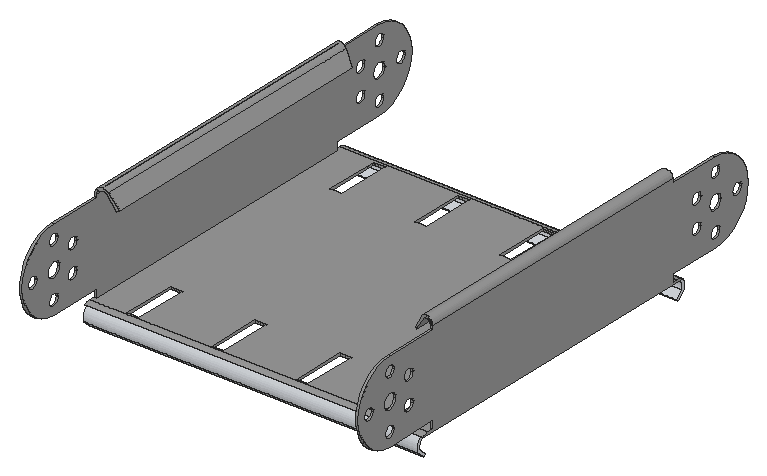
Revit family "Gelenkbogen-Element RGBEV 620FT", category Generic Models, Revit 2017
Family settings
  Can host rebar = No
  Round Connector Dimension = Use Diameter
  Part Type = Normal
  Work Plane-Based = No
  Always vertical = Yes
  Cut with Voids When Loaded = No
  Shared = No
  Room Calculation Point = No
Parameters (values of type "RGBEV 620 FT")
  Width 1 = Width / 2  # 100 mm
  Width = 200 mm
  URL = "http://www.obo-bettermann.com"
  Material = Hot dip galvanised
  Manufacturer Art.No. = "7075200"
  Manufacturer = "OBO BETTERMANN"
  Length = 288 mm
  GTIN = "4012196228133"
  Cut's number 2 = 4
  Cut's number = 2
  Article Type = "RGBEV 620 FT"
Reference planes
  plane 1 "Center (Front/Back)": y = 0
  plane 2: z = 0
  plane 3 "Center (Left/Right)": x = 0
  plane 4: x = 200
  plane 5: z = 60
  plane 6: x = 12.5
  plane 7: x = 187.5
  plane 8: z = 50.045
  plane 9: x = 100
  plane 10: y = 288
  plane 11: y = 144
  plane 12: y = 233.25
  plane 13: y = 54.75
  plane 14: y = 144
  plane 15: y = 54.75
  plane 16: y = 144
  plane 17: y = 233.25
  plane 18: y = 54.75
  plane 19: z = 30
  plane 20: z = 54
  plane 21: z = 6
  plane 22: y = 144
  plane 23: y = 55.5
  plane 24: y = 232.5
  plane 25: y = 24
  plane 26: y = 143.5
  plane 27: z = 30
  plane 28: z = 54
  plane 29: z = 6
  plane 30: y = 144
  plane 31: y = 232.5
  plane 32: y = 55.5
  plane 33: y = 264
  plane 34: z = 30
  plane 35: z = 54
  plane 36: z = 6
  plane 37: y = 264
  plane 38: z = 30
  plane 39: y = 24
  plane 40: y = 45
  plane 41: y = 242.5
  plane 42: z = -11.2
  plane 43: y = 234.752
  plane 44: y = 242.5
  plane 45: y = 45.5
  plane 46: z = -11.2
  plane 47: y = 53.248
  plane 48: z = 30
  plane 49: y = 23.5
  plane 50: z = 30
  plane 51: y = 264
  plane 52: z = 30.1
  plane 53: y = 263.783
  plane 54: x = 100
  plane 55: z = 30
  plane 56: y = 23.5
  plane 57: z = 30
  plane 58: y = 264
  plane 59: x = 25
  plane 60: x = 175
  plane 61: y = 218.5
  plane 62: y = 73.5
  plane 63: x = 75
  plane 64: x = 225
  plane 65: y = 218.5
  plane 66: y = 73.5
  plane 67: x = 125
  plane 68: x = 275
  plane 69: y = 218.5
  plane 70: y = 73.5
  plane 71: x = 175
  plane 72: x = 325
  plane 73: y = 218.5
  plane 74: y = 73.5
  plane 75: x = 25
  plane 76: x = 175
  plane 77: y = 68.5
  plane 78: y = -76.5
  plane 79: x = 75
  plane 80: x = 225
  plane 81: y = 68.5
  plane 82: y = -76.5
  plane 83: x = 125
  plane 84: x = 275
  plane 85: y = 68.5
  plane 86: y = -76.5
  plane 87: x = 175
  plane 88: x = 325
  plane 89: y = 68.5
  plane 90: y = -76.5
Forms (mm)
  Extrusion 1, solid, material "Hot dip galvanised" <- "Material"
    sketch origin (0, 0, 0) x (1, 0, 0) y (0, 0, 1)
      loop
        line (0, 56.017) -> (0, 0) -> (200, 0) -> (200, 55.995)
        arc (200, 55.995) -> (197.526, 59.693) -> (193.164, 58.816) r 4
        line (193.164, 58.816) -> (187.684, 50.045) -> (188.786, 49.356) -> (194.181, 57.991)
        arc (194.181, 57.991) -> (197.091, 58.465) -> (198.7, 55.995) r 2.7
        line (198.7, 55.995) -> (198.7, 1.3) -> (1.3, 1.3) -> (1.3, 56.017)
        arc (1.3, 56.017) -> (3.273, 58.635) -> (6.334, 57.46) r 2.724
        line (6.334, 57.46) -> (11.398, 49.356) -> (12.5, 50.045) -> (7.436, 58.149)
        arc (7.436, 58.149) -> (2.915, 59.885) -> (0, 56.017) r 4.024
    from 0 to -288
  Extrusion 2, void
    sketch origin (0, 0, 0) x (1, 0, 0) y (0, 1, 0)
      loop
        line (1.3, 232.902) -> (12.5, 229.901) -> (12.5, 288) -> (1.3, 288) -> (1.3, 232.902)
    from 48.887 to 60.539
  Extrusion 3, void
    sketch origin (0, 0, 0) x (1, 0, 0) y (0, 1, 0)
      loop
        line (1.3, 55.098) -> (1.3, 0) -> (12.5, 0) -> (12.5, 58.099) -> (1.3, 55.098)
    from 48.887 to 60.539
  Extrusion 4, void
    sketch origin (0, 0, 0) x (1, 0, 0) y (0, 1, 0)
      loop
        line (198.7, 232.902) -> (198.7, 288) -> (187.684, 288) -> (187.684, 229.95) -> (198.7, 232.902)
      loop
        line (198.7, 55.098) -> (187.684, 58.05) -> (187.684, 0) -> (198.7, 0) -> (198.7, 55.098)
    from 48.887 to 60.539
  Extrusion 5, void
    sketch origin (0, 0, 0) x (0, 1, 0) y (0, 0, 1)
      loop
        line (24, 54) -> (55.5, 54) -> (55.5, 58.946) -> (-0.562, 58.946) -> (-0.562, 1.3) -> (55.5, 1.3) -> (55.5, 6) -> (24, 6)
        arc (24, 6) -> (0, 30) -> (24, 54) r 24
    from 198.7 to 200
  Extrusion 6, void
    sketch origin (0, 288, 0) x (0, -1, 0) y (0, 0, -1)
      loop
        arc (24, -54) -> (0, -30) -> (24, -6) r 24
        line (24, -6) -> (55.5, -6) -> (55.5, -1.3) -> (-0.562, -1.3) -> (-0.562, -58.946) -> (55.5, -58.946) -> (55.5, -54) -> (24, -54)
    from 198.7 to 200
  Extrusion 7, void
    sketch origin (0, 0, 0) x (0, 1, 0) y (0, 0, 1)
      loop
        line (232.5, 54) -> (264, 54)
        arc (264, 54) -> (288, 30) -> (264, 6) r 24
        line (264, 6) -> (232.5, 6) -> (232.5, 1.3) -> (288.754, 1.3) -> (288.754, 58.978) -> (232.5, 58.978) -> (232.5, 54)
    from 0 to 1.3
  Extrusion 8, void
    sketch origin (0, 0, 0) x (0, 1, 0) y (0, 0, 1)
      loop
        line (55.5, 54) -> (55.5, 58.946) -> (-1.16, 58.946) -> (-1.16, 1.3) -> (55.5, 1.3) -> (55.5, 6) -> (24, 6)
        arc (24, 6) -> (0, 30) -> (24, 54) r 24
        line (24, 54) -> (55.5, 54)
    from 0 to 1.901
  Extrusion 9, solid
    sketch origin (0, 0, 0) x (0, 1, 0) y (0, 0, 1)
      loop
        line (240.033, 0) -> (236.2, 0)
        arc (236.2, 0) -> (240.246, -2.062) -> (240.955, -6.547) r 5
        line (240.955, -6.547) -> (237.221, -10.281) -> (238.14, -11.2) -> (242.081, -7.259)
        arc (242.081, -7.259) -> (242.263, -3.289) -> (240.033, 0) r 6.3
    from 1.3 to 198.7
  Extrusion 10, void
    sketch origin (0, 0, 0) x (0, 1, 0) y (0, 0, 1)
      loop
        line (240.033, 0) -> (288, 0) -> (288, 1.3) -> (236.2, 1.3)
        arc (236.2, 1.3) -> (238.224, 0.966) -> (240.033, 0) r 6.3
    from 200 to 0
  Extrusion 11, solid
    sketch origin (0, 288, 0) x (0, -1, 0) y (0, 0, -1)
      loop
        arc (240.033, 0) -> (242.263, 3.289) -> (242.081, 7.259) r 6.3
        line (242.081, 7.259) -> (238.14, 11.2) -> (237.221, 10.281) -> (240.955, 6.547)
        arc (240.955, 6.547) -> (240.246, 2.062) -> (236.2, 0) r 5
        line (236.2, 0) -> (240.033, 0)
    from 1.3 to 198.7
  Extrusion 12, void
    sketch origin (0, 288, 0) x (0, -1, 0) y (0, 0, -1)
      loop
        arc (240.033, 0) -> (238.224, -0.966) -> (236.2, -1.3) r 6.3
        line (236.2, -1.3) -> (288, -1.3) -> (288, 0) -> (240.033, 0)
    from 200 to 0
  Extrusion 13, void
    sketch origin (0, 0, 0) x (0, 1, 0) y (0, 0, 1)
      loop
        circle (23.5, 30) r 4.5
      loop
        circle (23.5, 46.008) r 3.486
      loop
        circle (7.992, 30) r 3.486
      loop
        circle (23.5, 13.992) r 3.512
      loop
        circle (37.364, 38.004) r 3.513
      loop
        circle (37.364, 21.996) r 3.528
    from 0 to 1.3
  Extrusion 14, void
    sketch origin (0, 288, 0) x (0, -1, 0) y (0, 0, -1)
      loop
        circle (24, -30) r 4.5
      loop
        circle (24, -46.008) r 3.486
      loop
        circle (7.992, -30) r 3.486
      loop
        circle (24, -13.992) r 3.512
      loop
        circle (37.864, -38.004) r 3.513
      loop
        circle (37.864, -21.996) r 3.528
    from 0 to 1.3
  Extrusion 15, void
    sketch origin (200, 0, 0) x (0, 1, 0) y (0, 0, -1)
      loop
        circle (23.5, -30) r 4.5
      loop
        circle (23.5, -46.008) r 3.486
      loop
        circle (7.992, -30) r 3.486
      loop
        circle (23.5, -13.992) r 3.512
      loop
        circle (37.364, -38.004) r 3.513
      loop
        circle (37.364, -21.996) r 3.528
    from 0 to 1.3
  Extrusion 16, void
    sketch origin (200, 288, 0) x (0, -1, 0) y (0, 0, 1)
      loop
        circle (24, 30) r 4.5
      loop
        circle (24, 46.008) r 3.486
      loop
        circle (7.992, 30) r 3.486
      loop
        circle (24, 13.992) r 3.512
      loop
        circle (37.864, 38.004) r 3.513
      loop
        circle (37.864, 21.996) r 3.528
    from 0 to 1.3
  Extrusion 17, void
    sketch origin (0, 0, 0) x (1, 0, 0) y (0, 1, 0)
      loop
        line (21.5, 234.5) -> (21.5, 202.5) -> (28.5, 202.5) -> (28.5, 234.5) -> (21.5, 234.5)
    from 0 to 1.3
  Extrusion 18, void
    sketch origin (50, 0, 0) x (1, 0, 0) y (0, 1, 0)
      loop
        line (21.5, 234.5) -> (21.5, 202.5) -> (28.5, 202.5) -> (28.5, 234.5) -> (21.5, 234.5)
    from 0 to 1.3
  Extrusion 19, void
    sketch origin (100, 0, 0) x (1, 0, 0) y (0, 1, 0)
      loop
        line (21.5, 234.5) -> (21.5, 202.5) -> (28.5, 202.5) -> (28.5, 234.5) -> (21.5, 234.5)
    from 0 to 1.3
  Extrusion 20, void
    sketch origin (150, 0, 0) x (1, 0, 0) y (0, 1, 0)
      loop
        line (21.5, 234.5) -> (21.5, 202.5) -> (28.5, 202.5) -> (28.5, 234.5) -> (21.5, 234.5)
    from 0 to 1.3
  Extrusion 21, void
    sketch origin (0, -150, 0) x (1, 0, 0) y (0, 1, 0)
      loop
        line (21.5, 234.5) -> (21.5, 202.5) -> (28.5, 202.5) -> (28.5, 234.5) -> (21.5, 234.5)
    from 0 to 1.3
  Extrusion 22, void
    sketch origin (50, -150, 0) x (1, 0, 0) y (0, 1, 0)
      loop
        line (21.5, 234.5) -> (21.5, 202.5) -> (28.5, 202.5) -> (28.5, 234.5) -> (21.5, 234.5)
    from 0 to 1.3
  Extrusion 23, void
    sketch origin (100, -150, 0) x (1, 0, 0) y (0, 1, 0)
      loop
        line (21.5, 234.5) -> (21.5, 202.5) -> (28.5, 202.5) -> (28.5, 234.5) -> (21.5, 234.5)
    from 0 to 1.3
  Extrusion 24, void
    sketch origin (150, -150, 0) x (1, 0, 0) y (0, 1, 0)
      loop
        line (21.5, 234.5) -> (21.5, 202.5) -> (28.5, 202.5) -> (28.5, 234.5) -> (21.5, 234.5)
    from 0 to 1.3
Cuts and joins
  Extrusion 2, Extrusion 3, Extrusion 4, Extrusion 5, Extrusion 6, Extrusion 7, Extrusion 8, Extrusion 10, Extrusion 12, Extrusion 13, Extrusion 14, Extrusion 15, Extrusion 16, Extrusion 17, Extrusion 18, Extrusion 19, Extrusion 20, Extrusion 21, Extrusion 22, Extrusion 23, Extrusion 24 cuts Extrusion 1
Dimensions and locks
  locked: Extrusion 1 sketch curve to Extrusion 1 sketch curve at 1.3  (x4)
  Extrusion 1 sketch curve to plane 3 "Center (Left/Right)" to Extrusion 1 sketch curve = 0 mm, 1.3 mm locked
  locked: Extrusion 1 sketch curve to Extrusion 1 sketch curve at 60.04
  locked: Extrusion 1 sketch curve to Extrusion 1 sketch curve at 59.995
  locked: Extrusion 1 sketch curve to Extrusion 1 sketch curve at 9.914
  locked: Extrusion 1 sketch curve to Extrusion 1 sketch curve at 10.098
  "Width": Extrusion 1 sketch curve to Extrusion 1 sketch curve
  "Width 1": Extrusion 1 sketch curve to plane 9
  "Length": plane 1 "Center (Front/Back)" to plane 10
  locked: Extrusion 1 to plane 11 at 144
  locked: cut or joined group 1 (Extrusion 1, Extrusion 2, Extrusion 3, Extrusion 4, Extrusion 5, Extrusion 6, Extrusion 7, Extrusion 8, Extrusion 10, Extrusion 12, Extrusion 13, Extrusion 14, Extrusion 15, Extrusion 16, Extrusion 17, Extrusion 18, Extrusion 19, Extrusion 20, Extrusion 21, Extrusion 22, Extrusion 23, Extrusion 24) to plane 14 at 144
  locked: cut or joined group 1 to plane 16 at 144
  locked: cut or joined group 1 to plane 19 at 30
  locked: plane 20 to plane 19 at 24
  locked: plane 19 to plane 21 at 24
  plane 1 "Center (Front/Back)" to plane 26 = 143.5 mm
  locked: plane 28 to plane 27 at 24
  locked: plane 27 to plane 29 at 24
  locked: cut or joined group 1 to plane 34 at 30
  locked: plane 35 to plane 34 at 24
  locked: plane 34 to plane 36 at 24
  cut or joined group 1 to plane 38 = 30 mm
  locked: plane 40 to plane 26 at 98.5
  plane 26 to plane 41 = 99 mm
  locked: cut or joined group 1 to plane 42 at 12.5
  locked: Extrusion 9 sketch curve to Extrusion 9 sketch curve at 1.3
  locked: Extrusion 9 sketch curve to cut or joined group 1 at 11.2
  locked: Extrusion 11 sketch curve to Extrusion 11 sketch curve at 1.3
  locked: plane 48 to cut or joined group 1 at 24
  locked: plane 49 to plane 26 at 120
  plane 54 to plane 3 "Center (Left/Right)" = 100 mm
  locked: Extrusion 17 sketch curve to Extrusion 17 sketch curve at 7
  locked: Extrusion 17 sketch curve to plane 59 at 3.5
  locked: Extrusion 17 sketch curve to Extrusion 17 sketch curve at 32
  locked: plane 61 to Extrusion 17 sketch curve at 16
  locked: Extrusion 18 sketch curve to Extrusion 18 sketch curve at 7
  locked: Extrusion 18 sketch curve to plane 63 at 3.5
  locked: Extrusion 18 sketch curve to Extrusion 18 sketch curve at 32
  locked: plane 65 to Extrusion 18 sketch curve at 16
  locked: Extrusion 19 sketch curve to Extrusion 19 sketch curve at 7
  locked: Extrusion 19 sketch curve to plane 67 at 3.5
  locked: Extrusion 19 sketch curve to Extrusion 19 sketch curve at 32
  locked: plane 69 to Extrusion 19 sketch curve at 16
  locked: Extrusion 20 sketch curve to Extrusion 20 sketch curve at 7
  locked: Extrusion 20 sketch curve to plane 71 at 3.5
  locked: Extrusion 20 sketch curve to Extrusion 20 sketch curve at 32
  locked: plane 73 to Extrusion 20 sketch curve at 16
  locked: Extrusion 21 sketch curve to Extrusion 21 sketch curve at 7
  locked: Extrusion 21 sketch curve to plane 75 at 3.5
  locked: Extrusion 21 sketch curve to Extrusion 21 sketch curve at 32
  locked: plane 77 to Extrusion 21 sketch curve at 16
  locked: Extrusion 22 sketch curve to Extrusion 22 sketch curve at 7
  locked: Extrusion 22 sketch curve to plane 79 at 3.5
  locked: Extrusion 22 sketch curve to Extrusion 22 sketch curve at 32
  locked: plane 81 to Extrusion 22 sketch curve at 16
  equal spacing: group 5, group 6, group 7, group 8  (x3)
  locked: Extrusion 23 sketch curve to Extrusion 23 sketch curve at 7
  locked: Extrusion 23 sketch curve to plane 83 at 3.5
  locked: Extrusion 23 sketch curve to Extrusion 23 sketch curve at 32
  locked: plane 85 to Extrusion 23 sketch curve at 16
  locked: Extrusion 24 sketch curve to Extrusion 24 sketch curve at 7
  locked: Extrusion 24 sketch curve to plane 87 at 3.5
  locked: Extrusion 24 sketch curve to Extrusion 24 sketch curve at 32
  locked: plane 89 to Extrusion 24 sketch curve at 16
  locked: Extrusion 1 sketch curve to Extrusion 1 sketch curve (angle 32.00°)  (x2)
  angle cut or joined group 1 to Extrusion 9 sketch curve = 45.00°
  aligned and locked: level to plane 2
  aligned and locked: Extrusion 1 to level
  aligned and locked: plane 10 to Extrusion 1
  aligned and locked: plane 1 "Center (Front/Back)" to Extrusion 1
  aligned and locked: Extrusion 2 to Extrusion 3
  aligned and locked: Extrusion 3 to Extrusion 2
  aligned and locked: Extrusion 4 to Extrusion 2
  aligned and locked: Extrusion 2 to Extrusion 4
  aligned and locked: Extrusion 3 to Extrusion 1
  aligned and locked: Extrusion 2 to Extrusion 1
  aligned and locked: Extrusion 4 to Extrusion 1
  aligned and locked: Extrusion 1 to Extrusion 5
  aligned and locked: Extrusion 5 to Extrusion 1
  aligned and locked: Extrusion 7 sketch curve to cut or joined group 1
  aligned and locked: Extrusion 7 to plane 3 "Center (Left/Right)"
  aligned and locked: Extrusion 7 to Extrusion 1
  aligned and locked: Extrusion 1 to plane 3 "Center (Left/Right)"
  aligned and locked: Extrusion 9 to cut or joined group 1  (x2)
  aligned and locked: Extrusion 10 to Extrusion 1
  aligned and locked: Extrusion 13 to plane 3 "Center (Left/Right)"
  aligned and locked: Extrusion 1 to Extrusion 13
  aligned and locked: Extrusion 17 to level
  aligned and locked: Extrusion 1 to Extrusion 17
Automatic sketch dimensions
  Extrusion 1 sketch curve to Extrusion 1 sketch curve = 0 mm  (x4)
  Extrusion 1 sketch curve to level = 0 mm
  Extrusion 1 sketch curve to plane 8 = 0 mm  (x2)
  Extrusion 1 sketch curve to plane 5 = 1.184 mm
  Extrusion 2 sketch curve to plane 10 = 0 mm
  Extrusion 2 sketch curve to plane 12 = 0.348 mm
  plane 3 "Center (Left/Right)" to Extrusion 2 sketch curve = 1.3 mm
  Extrusion 2 sketch curve to Extrusion 2 sketch curve = 11.2 mm
  Extrusion 2 sketch curve to plane 12 = 3.349 mm
  plane 1 "Center (Front/Back)" to Extrusion 3 sketch curve = 0 mm
  plane 15 to Extrusion 3 sketch curve = 0.348 mm
  plane 3 "Center (Left/Right)" to Extrusion 3 sketch curve = 1.3 mm
  Extrusion 3 sketch curve to Extrusion 3 sketch curve = 11.2 mm
  plane 15 to Extrusion 3 sketch curve = 3.349 mm
  plane 1 "Center (Front/Back)" to Extrusion 4 sketch curve = 0 mm
  Extrusion 4 sketch curve to plane 10 = 0 mm
  plane 54 to Extrusion 4 sketch curve = 87.684 mm  (x2)
  Extrusion 4 sketch curve to plane 17 = 3.3 mm
  Extrusion 4 sketch curve to plane 17 = 0.348 mm
  Extrusion 4 sketch curve to Extrusion 4 sketch curve = 11.016 mm  (x2)
  plane 18 to Extrusion 4 sketch curve = 0.348 mm
  plane 18 to Extrusion 4 sketch curve = 3.3 mm
  Extrusion 5 sketch curve to plane 21 = 0 mm
  Extrusion 5 sketch curve to plane 25 = 0 mm
  Extrusion 5 sketch curve to plane 23 = 0 mm  (x2)
  Extrusion 5 sketch curve to plane 19 = 0 mm
  plane 1 "Center (Front/Back)" to Extrusion 5 sketch curve = 0.562 mm
  level to Extrusion 5 sketch curve = 1.3 mm
  plane 20 to Extrusion 5 sketch curve = 4.946 mm
  Extrusion 6 sketch curve to plane 29 = 0 mm
  Extrusion 6 sketch curve to plane 33 = 0 mm
  Extrusion 6 sketch curve to plane 31 = 0 mm  (x2)
  Extrusion 6 sketch curve to plane 27 = 0 mm
  Extrusion 6 sketch curve to plane 10 = 0.562 mm
  Extrusion 6 sketch curve to level = 1.3 mm
  Extrusion 6 sketch curve to plane 28 = 4.946 mm
  Extrusion 7 sketch curve to plane 36 = 0 mm
  Extrusion 7 sketch curve to plane 37 = 0 mm
  Extrusion 7 sketch curve to plane 34 = 0 mm
  plane 53 to Extrusion 7 sketch curve = 31.283 mm
  plane 10 to Extrusion 7 sketch curve = 0.754 mm
  level to Extrusion 7 sketch curve = 1.3 mm
  Extrusion 7 sketch curve to plane 35 = 4.978 mm
  Extrusion 8 sketch curve to plane 38 = 0 mm
  Extrusion 8 sketch curve to plane 39 = 0 mm
  plane 1 "Center (Front/Back)" to Extrusion 8 sketch curve = 1.16 mm
  Extrusion 8 sketch curve to plane 39 = 31.5 mm  (x2)
  level to Extrusion 8 sketch curve = 1.3 mm
  Extrusion 8 sketch curve to Extrusion 8 sketch curve = 4.7 mm
  Extrusion 8 sketch curve to Extrusion 8 sketch curve = 4.946 mm
  Extrusion 9 sketch curve to Extrusion 9 sketch curve = 0 mm  (x2)
  Extrusion 9 sketch curve to level = 0 mm
  plane 43 to Extrusion 9 sketch curve = 1.448 mm
  plane 43 to Extrusion 9 sketch curve = 2.469 mm
  Extrusion 9 sketch curve to plane 41 = 2.467 mm
  Extrusion 9 sketch curve to plane 41 = 1.545 mm
  Extrusion 10 sketch curve to level = 0 mm
  Extrusion 10 sketch curve to plane 10 = 0 mm
  plane 53 to Extrusion 10 sketch curve = 23.75 mm
  Extrusion 10 sketch curve to Extrusion 10 sketch curve = 3.833 mm
  Extrusion 10 sketch curve to level = 5 mm
  Extrusion 11 sketch curve to Extrusion 11 sketch curve = 0 mm  (x2)
  Extrusion 11 sketch curve to level = 0 mm
  Extrusion 11 sketch curve to plane 46 = 0 mm
  Extrusion 11 sketch curve to plane 47 = 1.448 mm
  Extrusion 11 sketch curve to plane 47 = 2.469 mm
  Extrusion 11 sketch curve to Extrusion 11 sketch curve = 0.919 mm
  plane 45 to Extrusion 11 sketch curve = 2.467 mm
  plane 45 to Extrusion 11 sketch curve = 1.545 mm
  Extrusion 12 sketch curve to level = 0 mm
  Extrusion 12 sketch curve to plane 1 "Center (Front/Back)" = 0 mm
  Extrusion 12 sketch curve to Extrusion 12 sketch curve = 47.967 mm
  Extrusion 12 sketch curve to Extrusion 12 sketch curve = 3.833 mm
  level to Extrusion 12 sketch curve = 5 mm
  Extrusion 13 sketch curve to plane 48 = 0 mm  (x2)
  Extrusion 13 sketch curve to plane 49 = 0 mm  (x3)
  Extrusion 13 sketch curve to plane 1 "Center (Front/Back)" = 7.992 mm
  plane 49 to Extrusion 13 sketch curve = 13.864 mm  (x2)
  Extrusion 13 sketch curve to plane 48 = 8.004 mm
  level to Extrusion 13 sketch curve = 13.992 mm
  plane 52 to Extrusion 13 sketch curve = 7.904 mm
  plane 52 to Extrusion 13 sketch curve = 15.908 mm
  Extrusion 14 sketch curve to plane 50 = 0 mm  (x2)
  Extrusion 14 sketch curve to plane 51 = 0 mm  (x3)
  plane 10 to Extrusion 14 sketch curve = 7.992 mm
  Extrusion 14 sketch curve to plane 53 = 13.646 mm  (x2)
  plane 50 to Extrusion 14 sketch curve = 8.004 mm
  Extrusion 14 sketch curve to level = 13.992 mm
  Extrusion 14 sketch curve to plane 52 = 7.904 mm
  Extrusion 14 sketch curve to plane 52 = 15.908 mm
  Extrusion 15 sketch curve to plane 55 = 0 mm  (x2)
  Extrusion 15 sketch curve to plane 56 = 0 mm  (x3)
  Extrusion 15 sketch curve to plane 1 "Center (Front/Back)" = 7.992 mm
  plane 56 to Extrusion 15 sketch curve = 13.864 mm  (x2)
  plane 52 to Extrusion 15 sketch curve = 7.904 mm
  plane 52 to Extrusion 15 sketch curve = 15.908 mm
  Extrusion 15 sketch curve to plane 55 = 8.004 mm
  level to Extrusion 15 sketch curve = 13.992 mm
  Extrusion 16 sketch curve to plane 57 = 0 mm  (x2)
  Extrusion 16 sketch curve to plane 58 = 0 mm  (x3)
  Extrusion 16 sketch curve to plane 10 = 7.992 mm
  plane 53 to Extrusion 16 sketch curve = 13.646 mm  (x2)
  Extrusion 16 sketch curve to plane 57 = 8.004 mm
  level to Extrusion 16 sketch curve = 13.992 mm
  plane 52 to Extrusion 16 sketch curve = 7.904 mm
  plane 52 to Extrusion 16 sketch curve = 15.908 mm
  radius of Extrusion 13 sketch curve = 4.5 mm
  radius of Extrusion 13 sketch curve = 3.486 mm  (x2)
  radius of Extrusion 13 sketch curve = 3.512 mm
  radius of Extrusion 13 sketch curve = 3.513 mm
  radius of Extrusion 13 sketch curve = 3.528 mm
  radius of Extrusion 14 sketch curve = 4.5 mm
  radius of Extrusion 14 sketch curve = 3.486 mm  (x2)
  radius of Extrusion 14 sketch curve = 3.512 mm
  radius of Extrusion 14 sketch curve = 3.513 mm
  radius of Extrusion 14 sketch curve = 3.528 mm
  radius of Extrusion 15 sketch curve = 4.5 mm
  radius of Extrusion 15 sketch curve = 3.486 mm  (x2)
  radius of Extrusion 15 sketch curve = 3.512 mm
  radius of Extrusion 15 sketch curve = 3.513 mm
  radius of Extrusion 15 sketch curve = 3.528 mm
  radius of Extrusion 16 sketch curve = 4.5 mm
  radius of Extrusion 16 sketch curve = 3.486 mm  (x2)
  radius of Extrusion 16 sketch curve = 3.512 mm
  radius of Extrusion 16 sketch curve = 3.513 mm
  radius of Extrusion 16 sketch curve = 3.528 mm
